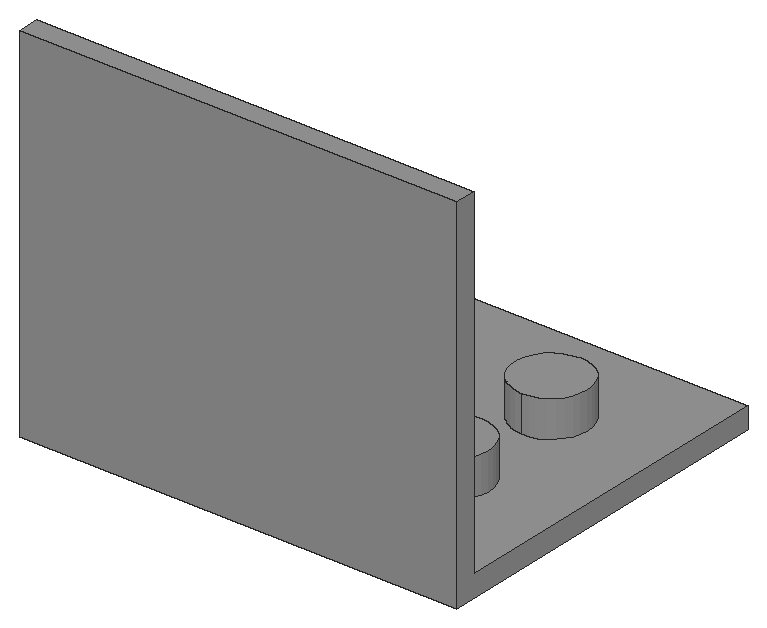
Revit family "squadra reggi cotto", category Generic Models, host Face, Revit 2014
Parameters
  acciaio [instance] = SLG - Acciaio
  Default Elevation = 1.2192 m
Reference planes (m)
  plane 1 "Center (Front/Back)": y = 0
  plane 2: z = 0
  plane 3 "Center (Left/Right)": x = 0
  plane 4: y = -0.05
  plane 5: x = 0.06
  plane 6: y = -0.015
  plane 7: x = 0.015
  plane 8: x = 0.045
  plane 9: y = -0.032
  plane 10: z = 0.035
  plane 11: z = 0.015
  plane 12: z = 0.05
Forms (m)
  Extrusion 1, solid, material "SLG - Acciaio" <- "acciaio"
    sketch origin (0, -0.05, 0) x (0, 1, 0) y (0, 0, 1)
      loop
        line (0, 0) -> (0.05, 0) -> (0.05, 0.003) -> (0.003, 0.003) -> (0.003, 0.05) -> (0, 0.05) -> (0, 0)
    from 0 to 0.06
Dimensions and locks (m)
  aligned and locked: plane 2 to host face
  aligned and locked: level to host face
Nested families (m)
  nested 1: "bullone scemo" at (0.045, -0.015, 0.003) x (0, -1, 0) z (0, 0, 1), type "bullone scemo"
    with raggio bullone 0.1 m, acciaio SLG - Acciaio
  nested 2: "bullone scemo" at (0.045, -0.032, 0.003) x (0, -1, 0) z (0, 0, 1), type "bullone scemo"
    with raggio bullone 0.1 m, acciaio SLG - Acciaio
  nested 3: "bullone scemo" at (0.015, -0.032, 0.003) x (0, -1, 0) z (0, 0, 1), type "bullone scemo"
    with raggio bullone 0.1 m, acciaio SLG - Acciaio
  nested 4: "bullone scemo" at (0.015, -0.015536, 0.003) x (0, -1, 0) z (0, 0, 1), type "bullone scemo"
    with raggio bullone 0.1 m, acciaio SLG - Acciaio
  nested 5: "bullone scemo" at (0.014996, -0.047, 0.015) x (0, 0, 1) z (0, 1, 0), type "bullone scemo"
    with raggio bullone 0.1 m, acciaio SLG - Acciaio
  nested 6: "bullone scemo" at (0.01498, -0.047, 0.035) x (0, 0, 1) z (0, 1, 0), type "bullone scemo"
    with raggio bullone 0.1 m, acciaio SLG - Acciaio
  nested 7: "bullone scemo" at (0.045, -0.047, 0.015) x (0, 0, 1) z (0, 1, 0), type "bullone scemo"
    with raggio bullone 0.1 m, acciaio SLG - Acciaio
  nested 8: "bullone scemo" at (0.045, -0.047, 0.035) x (0, 0, 1) z (0, 1, 0), type "bullone scemo"
    with raggio bullone 0.1 m, acciaio SLG - Acciaio
Definition of nested family "bullone scemo"
  Parameters (values of type "bullone scemo")
    raggio bullone [instance] = 0.1 m
    acciaio [instance] = SLG - Acciaio
    Default Elevation = 1.2192 m
  Reference planes (m)
    plane 1 "Center (Front/Back)": y = 0
    plane 2: z = 0
    plane 3 "Center (Left/Right)": x = 0
    plane 4: z = 0.005
  Forms (m)
    Extrusion 1, solid
      sketch origin (0, 0, 0) x (1, 0, 0) y (0, 1, 0)
        loop
          line (-1.2192, 1.2192) -> (-1.2192, -1.2192) -> (1.2192, -1.2192) -> (1.2192, 1.2192) -> (-1.2192, 1.2192)
      from 0 to -0.3048
    Extrusion 2, solid, material "SLG - Acciaio" <- "acciaio"
      sketch origin (0, 0, 0) x (1, 0, 0) y (0, 1, 0)
        loop
          circle (0, 0) r 0.005
      from 0 to 0.005
  Dimensions and locks (m)
    aligned and locked: plane 2 to Extrusion 1
    aligned and locked: level to Extrusion 1
    aligned and locked: plane 4 to Extrusion 2
